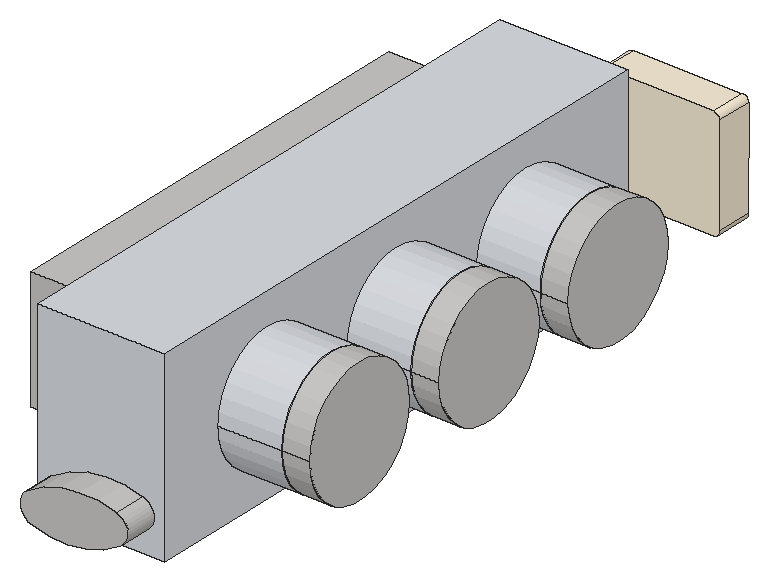
Revit family "HVAC_Ductwork_Airzone_Motorized-Plenum_Panasonic_Standard_3-Dampers", category Mechanical Equipment, Revit 2016
Family settings
  Part Type = Normal
  Round Connector Dimension = Use Diameter
  OmniClass Number = 23.75.70.14
  OmniClass Title = Air Ductwork
  Work Plane-Based = No
  Always vertical = Yes
  Cut with Voids When Loaded = No
  Shared = No
  Room Calculation Point = No
Parameters (values of type "PANST02XS3")
  Voltage = 230 V
  URL = "www.airzone.es"
  Type Image Comments = "Image available in product documentation download"  # constant formula
  Revit Model Version = "1.0"  # constant formula
  Revit Model Author URL = "www.a3d.es"
  Revit Model Author = "A3D Consulting"  # constant formula
  Product Documentation Download URL = "http://doc.airzone.es/BIM/Easyzone/Panasonic-Airzone_motorized_plenum.zip"
  Product Comments = "Refer to technical documentation for further details"  # constant formula
  Power Factor = 1
  Neck Width = 720.600 mm
  Neck Length = 95.000 mm
  Neck Height = 195.100 mm
  Material = Metal - AIRZONE - Galvanized Sheet - Semi-polished
  Main Control Board Material = Plastic - AIRZONE - Smooth - Off-white
  Load Classification = Other
  Insulated Body Width = 205.000 mm  # constant formula
  Insulated Body Material = Metal -AIRZONE - Insulating Lining -Aluminum Finish
  Insulated Body Length = 930.000 mm  # constant formula
  Insulated Body Height = 300.000 mm  # constant formula
  Flow [instance] = Damper 3 Air Flow + Damper 2 Air Flow + Damper 1 Air Flow - Fresh Air Inlet 2 Flow - Fresh Air Inlet 1 Flow  # 900 m³/h
  Fresh Air Inlet 1 Flow [instance] = 0 m³/h
  Fresh Air Inlet 2 Flow [instance] = 0 m³/h
  Fresh Air Inlet Connection Width = 175.000 mm
  Fresh Air Inlet Connection Height = 75.000 mm
  Model = "PANST02XS3"
  Neck Side Offset = 104.700 mm
  Neck Bottom Offset = 71.700 mm
  Type Image = <None>
  Manufacturer = "AIRZONE"  # constant formula
  Main Control Board Depth = 57.000 mm  # constant formula
  Main Control Board Width = 195.000 mm  # constant formula
  Main Control Board Height = 180.000 mm  # constant formula
  Fixing = ""
  Disclaimer = "All information provided in this model is reviewed before being published. However, Airzone cannot guarantee this model is error-free, therefore users are strongly encouraged to check for technical documentation and updates"  # constant formula
  Description = "Airzone standard motorized plenum with neck that mechanically adapts to the main ducted AC units of Panasonic."
  Type Comments = ""
  Dampers Length = 149.000 mm  # constant formula
  Dampers Diameter = 200.000 mm  # constant formula
  Damper 1 Air Flow [instance] = 300 m³/h
  Damper 2 Air Flow [instance] = 300 m³/h
  Damper 3 Air Flow [instance] = 300 m³/h
  Fresh Air Inlet Connection Offset Height = 48.305 mm  # constant formula
  Compatible Accesories = ""
  Apparent Load = 57.5 VA
Types (6, lengths in mm): name | Neck Width | Neck Height | Model | Neck Side Offset | Neck Bottom Offset
  PANST05S3 | 595.600 | 189.600 | "PANST05S3" | 217.200 | 77.200
  PANST04S3 | 495.600 | 189.600 | "PANST04S3" | 274.200 | 77.200
  PANST03S3 | 695.600 | 148.600 | "PANST03S3" | 117.200 | 118.200
  PANST01S3 | 671.600 | 162.600 | "PANST01S3" | 129.200 | 102.200
  PANST02S3 | 720.600 | 233.600 | "PANST02S3" | 104.700 | 33.200
  PANST02XS3 | 720.600 | 195.100 | "PANST02XS3" | 104.700 | 71.700
Reference planes
  plane 1 "Center (Front/Back)": y = 0
  plane 2 "Center (Elevation)": z = 0
  plane 3 "Center (Left/Right)": x = 0
  plane 4 "Neck Back": y = 360.3
  plane 5 "Neck Front": y = -360.3
  plane 6 "Neck Top": z = 97.55
  plane 7 "Neck Bottom": z = -97.55
  plane 8 "Left": x = 95
  plane 9 "Bottom": z = -169.25
  plane 10 "Top": z = 130.75
  plane 11 "Front": y = -465
  plane 12 "Back": y = 465
  plane 13 "Right": x = 300
  plane 14 "Dampers Front": x = 449
  plane 15 "Dampers Center (Elevation)": z = -19.25
  plane 16 "Damper3": y = -260
  plane 17 "Damper2": y = 0
  plane 18 "Damper1": y = 260
  plane 19 "Middle": y = 0
  plane 20 "FreshAir Center (Elevation)": z = -120.945
  plane 21 "FreshAir1": y = 517.5
  plane 22 "FreshAir2": y = -517.5
  plane 23 "Dampers Lining": x = 404
  plane 24 "FreshAir Vertical Axis": x = 195.83
  plane 25 "ConnectionBox Side": x = 254
  plane 26 "Main Control Board Center (Left/Right)": x = 351.5
Forms (mm)
  Extrusion 1, solid, material "Metal - AIRZONE - Galvanized Sheet - Semi-polished" <- "Material"
    sketch origin (0, 0, 0) x (0, 1, 0) y (0, 0, 1)
      loop
        line (-360.3, 97.55) -> (-360.3, -97.55) -> (360.3, -97.55) -> (360.3, 97.55) -> (-360.3, 97.55)
    from 0 to 95
  Extrusion 2, solid, material "Metal -AIRZONE - Insulating Lining -Aluminum Finish" <- "Insulated Body Material"
    sketch origin (95, 0, 0) x (0, 1, 0) y (0, 0, 1)
      loop
        line (-465, 130.75) -> (-465, -169.25) -> (465, -169.25) -> (465, 130.75) -> (-465, 130.75)
    from 0 to 205
  Extrusion 3, solid, material "Metal - AIRZONE - Galvanized Sheet - Semi-polished" <- "Material"
    sketch origin (300, 0, 0) x (0, 1, 0) y (0, 0, 1)
      loop
        circle (-260, -19.25) r 100
    from 104 to 149
  Extrusion 4, solid, material "Metal - AIRZONE - Galvanized Sheet - Semi-polished" <- "Material"
    sketch origin (300, 0, 0) x (0, 1, 0) y (0, 0, 1)
      loop
        circle (0, -19.25) r 100
    from 104 to 149
  Extrusion 5, solid, material "Metal - AIRZONE - Galvanized Sheet - Semi-polished" <- "Material"
    sketch origin (300, 0, 0) x (0, 1, 0) y (0, 0, 1)
      loop
        circle (260, -19.25) r 100
    from 104 to 149
  Extrusion 6, solid, material "Metal - AIRZONE - Galvanized Sheet - Semi-polished" <- "Material"
    sketch origin (0, -465, 0) x (0, 0, 1) y (1, 0, 0)
      loop
        arc (-88.391, 265.204) -> (-109.858, 282.105) -> (-134.562, 270.434) r 25.96
        arc (-134.562, 270.434) -> (-160.552, 200.598) -> (-153.099, 126.456) r 164.67
        arc (-153.099, 126.456) -> (-131.915, 109.589) -> (-107.244, 120.751) r 25.96
        arc (-107.244, 120.751) -> (-80.975, 190.78) -> (-88.391, 265.204) r 164.67
    from 0 to -52.5
  Extrusion 7, solid, material "Metal - AIRZONE - Galvanized Sheet - Semi-polished" <- "Material"
    sketch origin (0, 465, 0) x (0, 0, 1) y (1, 0, 0)
      loop
        arc (-88.391, 265.204) -> (-109.575, 282.071) -> (-134.246, 270.909) r 25.96
        arc (-134.246, 270.909) -> (-160.429, 201.53) -> (-153.517, 127.699) r 164.67
        arc (-153.517, 127.699) -> (-132.282, 109.637) -> (-106.928, 121.226) r 25.96
        arc (-106.928, 121.226) -> (-80.938, 191.062) -> (-88.391, 265.204) r 164.67
    from 0 to 52.5
  Extrusion 8, solid, material "Metal -AIRZONE - Insulating Lining -Aluminum Finish" <- "Insulated Body Material"
    sketch origin (300, 0, 0) x (0, 1, 0) y (0, 0, 1)
      loop
        circle (260, -19.25) r 100
    from 0 to 104
  Extrusion 9, solid, material "Metal -AIRZONE - Insulating Lining -Aluminum Finish" <- "Insulated Body Material"
    sketch origin (300, -260, 0) x (0, 1, 0) y (0, 0, 1)
      loop
        circle (260, -19.25) r 100
    from 0 to 104
  Extrusion 10, solid, material "Metal -AIRZONE - Insulating Lining -Aluminum Finish" <- "Insulated Body Material"
    sketch origin (300, -520, 0) x (0, 1, 0) y (0, 0, 1)
      loop
        circle (260, -19.25) r 100
    from 0 to 104
Lines and regions (mm)
  Masking region 1
    outline origin (0, 0, 0) x (1, 0, 0) y (0, 1, 0)
      loop
        line (95, 465) -> (95, -465) -> (300, -465) -> (300, 465) -> (95, 465)
  Masking region 2, detail levels medium+fine
    outline origin (0, 0, 0) x (1, 0, 0) y (0, 1, 0)
      loop
        line (0, 360.3) -> (0, -360.3) -> (95, -360.3) -> (95, 360.3) -> (0, 360.3)
  Masking region 3, detail levels medium+fine
    outline origin (0, 0, 0) x (1, 0, 0) y (0, 1, 0)
      loop
        line (300, -160) -> (300, -360) -> (449, -360) -> (449, -160) -> (300, -160)
  Masking region 4, detail levels medium+fine
    outline origin (0, 260, 0) x (1, 0, 0) y (0, 1, 0)
      loop
        line (300, -160) -> (300, -360) -> (449, -360) -> (449, -160) -> (300, -160)
  Masking region 5, detail levels medium+fine
    outline origin (0, 520, 0) x (1, 0, 0) y (0, 1, 0)
      loop
        line (300, -160) -> (300, -360) -> (449, -360) -> (449, -160) -> (300, -160)
  Masking region 6, detail levels medium+fine
    outline origin (0, 0, -120.945) x (1, 0, 0) y (0, 1, 0)
      loop
        line (108.33, 517.5) -> (108.33, 465) -> (283.33, 465) -> (283.33, 517.5) -> (108.33, 517.5)
  Masking region 7, detail levels medium+fine
    outline origin (0, 0, -120.945) x (1, 0, 0) y (0, 1, 0)
      loop
        line (108.33, -465) -> (108.33, -517.5) -> (283.33, -517.5) -> (283.33, -465) -> (108.33, -465)
  Masking region 8, detail levels medium+fine
    outline origin (0, 0, 130.75) x (0, -1, 0) y (1, 0, 0)
      loop
        line (-522, 254) -> (-465, 254) -> (-465, 449) -> (-522, 449) -> (-522, 254)
  symbolic lines, detail levels coarse
    curve 1: line (95, -465, 0) -> (300, 0, 0)
    curve 2: line (300, 0, 0) -> (95, 465, 0)
Dimensions and locks
  equal spacing: plane 4 "Neck Back", plane 1 "Center (Front/Back)", plane 5 "Neck Front"
  "Neck Width": plane 4 "Neck Back" to plane 5 "Neck Front"
  equal spacing: plane 6 "Neck Top", level, plane 7 "Neck Bottom"
  "Neck Height": plane 6 "Neck Top" to plane 7 "Neck Bottom"
  "Neck Length": plane 3 "Center (Left/Right)" to plane 8 "Left"
  "Neck Bottom Offset": plane 7 "Neck Bottom" to plane 9 "Bottom"
  "Insulated Body Height": plane 10 "Top" to plane 9 "Bottom"
  "Insulated Body Length": plane 12 "Back" to plane 11 "Front"
  "Insulated Body Width": plane 8 "Left" to plane 13 "Right"
  "Dampers Length": plane 13 "Right" to plane 14 "Dampers Front"
  equal spacing: plane 10 "Top", plane 15 "Dampers Center (Elevation)", plane 9 "Bottom"
  plane 18 "Damper1" to plane 17 "Damper2" to plane 16 "Damper3" = 260.000 mm locked, 260.000 mm locked
  equal spacing: plane 12 "Back", plane 19 "Middle", plane 11 "Front"
  plane 8 "Left" to plane 13 "Right" = 205.000 mm
  "Fresh Air Inlet Connection Offset Height": plane 20 "FreshAir Center (Elevation)" to plane 9 "Bottom"
  locked: Extrusion 6 sketch curve to plane 9 "Bottom" at 56.47
  locked: plane 13 "Right" to Extrusion 6 sketch curve at 43.69
  locked: plane 13 "Right" to Extrusion 6 sketch curve at 164.65
  locked: Extrusion 6 sketch curve to plane 9 "Bottom" at 40.54
  locked: plane 13 "Right" to Extrusion 6 sketch curve at 87.91
  locked: plane 9 "Bottom" to Extrusion 6 sketch curve at 75.01
  locked: plane 13 "Right" to Extrusion 6 sketch curve at 120.43
  locked: Extrusion 6 sketch curve to plane 9 "Bottom" at 172.02
  locked: plane 13 "Right" to Extrusion 7 sketch curve at 43.69
  locked: Extrusion 7 sketch curve to plane 9 "Bottom" at 56.47
  locked: Extrusion 7 sketch curve to plane 9 "Bottom" at 40.54
  locked: plane 13 "Right" to Extrusion 7 sketch curve at 164.65
  locked: plane 13 "Right" to Extrusion 7 sketch curve at 120.43
  locked: Extrusion 7 sketch curve to plane 9 "Bottom" at 172.02
  locked: plane 9 "Bottom" to Extrusion 7 sketch curve at 75.01
  locked: plane 13 "Right" to Extrusion 7 sketch curve at 87.91
  "Neck Side Offset": plane 12 "Back" to plane 4 "Neck Back"
  equal spacing: plane 12 "Back", plane 17 "Damper2", plane 11 "Front"
  locked: plane 21 "FreshAir1" to plane 12 "Back" at 52.5
  plane 11 "Front" to plane 22 "FreshAir2" = 52.500 mm
  locked: connector elem to plane 13 "Right" at 104.17
  locked: plane 20 "FreshAir Center (Elevation)" to connector elem
  locked: plane 13 "Right" to connector elem at 104.17
  locked: connector elem to plane 20 "FreshAir Center (Elevation)"
  locked: plane 23 "Dampers Lining" to plane 14 "Dampers Front" at 45
  locked: plane 24 "FreshAir Vertical Axis" to plane 13 "Right" at 104.17
  equal spacing: Masking region 3 sketch curve, plane 16 "Damper3", Masking region 3 sketch curve
  "Dampers Diameter": Masking region 3 sketch curve to Masking region 3 sketch curve
  equal spacing: Masking region 4 sketch curve, plane 17 "Damper2", Masking region 4 sketch curve
  "Dampers Diameter": Masking region 4 sketch curve to Masking region 4 sketch curve
  equal spacing: Masking region 5 sketch curve, plane 18 "Damper1", Masking region 5 sketch curve
  "Dampers Diameter": Masking region 5 sketch curve to Masking region 5 sketch curve
  equal spacing: Masking region 6 sketch curve, plane 24 "FreshAir Vertical Axis", Masking region 6 sketch curve
  "Fresh Air Inlet Connection Width": Masking region 6 sketch curve to Masking region 6 sketch curve
  equal spacing: Masking region 7 sketch curve, plane 24 "FreshAir Vertical Axis", Masking region 7 sketch curve
  "Fresh Air Inlet Connection Width": Masking region 7 sketch curve to Masking region 7 sketch curve
  "Main Control Board Depth": Masking region 8 sketch curve to plane 12 "Back"
  "Main Control Board Width": plane 25 "ConnectionBox Side" to plane 14 "Dampers Front"
  equal spacing: plane 25 "ConnectionBox Side", plane 26 "Main Control Board Center (Left/Right)", plane 14 "Dampers Front"
  locked: nested 1 to plane 10 "Top" at 10
  "Dampers Diameter": diameter of Extrusion 3 sketch curve
  "Dampers Diameter": diameter of Extrusion 4 sketch curve
  "Dampers Diameter": diameter of Extrusion 5 sketch curve
  radius of Extrusion 7 sketch curve = 164.670 mm  (x2)
  radius of Extrusion 7 sketch curve = 25.960 mm  (x2)
  radius of Extrusion 6 sketch curve = 164.670 mm  (x2)
  radius of Extrusion 6 sketch curve = 25.960 mm  (x2)
  "Dampers Diameter": diameter of Extrusion 8 sketch curve
  "Dampers Diameter": diameter of Extrusion 9 sketch curve
  "Dampers Diameter": diameter of Extrusion 10 sketch curve
  aligned and locked: level to plane 2 "Center (Elevation)"
  aligned and locked: plane 5 "Neck Front" to Extrusion 1 sketch curve
  aligned and locked: Extrusion 1 sketch curve to plane 6 "Neck Top"
  aligned and locked: Extrusion 1 sketch curve to plane 4 "Neck Back"
  aligned and locked: plane 7 "Neck Bottom" to Extrusion 1 sketch curve
  aligned and locked: Extrusion 1 to plane 3 "Center (Left/Right)"
  aligned and locked: Extrusion 2 sketch curve to plane 10 "Top"
  aligned and locked: Extrusion 2 sketch curve to plane 12 "Back"
  aligned and locked: plane 9 "Bottom" to Extrusion 2 sketch curve
  aligned and locked: plane 11 "Front" to Extrusion 2 sketch curve
  aligned and locked: plane 13 "Right" to Extrusion 2
  aligned and locked: Extrusion 2 to plane 8 "Left"
  aligned and locked: plane 16 "Damper3" to Extrusion 3 sketch curve
  aligned and locked: plane 15 "Dampers Center (Elevation)" to Extrusion 3 sketch curve
  aligned and locked: plane 17 "Damper2" to Extrusion 4 sketch curve
  aligned and locked: plane 15 "Dampers Center (Elevation)" to Extrusion 4 sketch curve
  aligned and locked: plane 18 "Damper1" to Extrusion 5 sketch curve
  aligned and locked: plane 15 "Dampers Center (Elevation)" to Extrusion 5 sketch curve
  aligned and locked: plane 14 "Dampers Front" to Extrusion 5
  aligned and locked: plane 14 "Dampers Front" to Extrusion 4
  aligned and locked: plane 14 "Dampers Front" to Extrusion 3
  aligned and locked: plane 8 "Left" to Extrusion 1
  aligned and locked: plane 22 "FreshAir2" to Extrusion 6
  aligned and locked: plane 21 "FreshAir1" to Extrusion 7
  aligned and locked: Extrusion 7 to plane 12 "Back"
  aligned and locked: plane 11 "Front" to Extrusion 6
  aligned and locked: Extrusion 5 to plane 23 "Dampers Lining"
  aligned and locked: Extrusion 5 to Extrusion 4
  aligned and locked: Extrusion 4 to Extrusion 3
  aligned and locked: plane 23 "Dampers Lining" to Extrusion 8
  aligned and locked: Extrusion 10 to plane 13 "Right"
  aligned and locked: plane 23 "Dampers Lining" to Extrusion 10
  aligned and locked: Extrusion 9 to plane 13 "Right"
  aligned and locked: plane 23 "Dampers Lining" to Extrusion 9
  aligned and locked: Extrusion 8 to plane 13 "Right"
  aligned and locked: Extrusion 9 to Extrusion 8
  aligned and locked: plane 18 "Damper1" to Extrusion 8 sketch curve
  aligned and locked: plane 15 "Dampers Center (Elevation)" to Extrusion 8 sketch curve
  aligned and locked: plane 17 "Damper2" to Extrusion 9 sketch curve
  aligned and locked: plane 15 "Dampers Center (Elevation)" to Extrusion 9 sketch curve
  aligned and locked: plane 16 "Damper3" to Extrusion 10 sketch curve
  aligned and locked: plane 15 "Dampers Center (Elevation)" to Extrusion 10 sketch curve
  aligned and locked: Masking region 1 sketch curve to plane 12 "Back"
  aligned and locked: plane 8 "Left" to Masking region 1 sketch curve
  aligned and locked: Masking region 1 sketch curve to plane 13 "Right"
  aligned and locked: plane 11 "Front" to Masking region 1 sketch curve
  aligned and locked: plane 5 "Neck Front" to Masking region 2 sketch curve
  aligned and locked: plane 3 "Center (Left/Right)" to Masking region 2 sketch curve
  aligned and locked: Masking region 2 sketch curve to plane 4 "Neck Back"
  aligned and locked: Masking region 2 sketch curve to plane 8 "Left"
  aligned and locked: plane 13 "Right" to Masking region 3 sketch curve
  aligned and locked: Masking region 3 sketch curve to plane 14 "Dampers Front"
  aligned and locked: plane 13 "Right" to Masking region 4 sketch curve
  aligned and locked: Masking region 4 sketch curve to plane 14 "Dampers Front"
  aligned and locked: plane 13 "Right" to Masking region 5 sketch curve
  aligned and locked: Masking region 5 sketch curve to plane 14 "Dampers Front"
  aligned and locked: plane 12 "Back" to Masking region 6 sketch curve
  aligned and locked: Masking region 6 sketch curve to plane 21 "FreshAir1"
  aligned and locked: Masking region 7 sketch curve to plane 11 "Front"
  aligned and locked: Masking region 7 sketch curve to plane 22 "FreshAir2"
  aligned and locked: plane 12 "Back" to Masking region 8 sketch curve
  aligned and locked: Masking region 8 sketch curve to plane 14 "Dampers Front"
  aligned and locked: plane 25 "ConnectionBox Side" to Masking region 8 sketch curve
  aligned and locked: nested 1 to plane 26 "Main Control Board Center (Left/Right)"
Automatic sketch dimensions
  curve 2 to plane 8 "Left" = 0.000 mm
  curve 1 to plane 8 "Left" = 0.000 mm
  curve 1 to plane 13 "Right" = 0.000 mm
  curve 1 to plane 11 "Front" = 0.000 mm
  curve 2 to plane 17 "Damper2" = 0.000 mm
  curve 2 to plane 12 "Back" = 0.000 mm
Nested families
  nested 1: "Airzone_Main-Control-Board" at (351.5, 465, 30.75) x (-1, 0, 0) z (0, 1, 0), Extrusion <- "Main Control Board Depth", Height <- "Main Control Board Height", Width <- "Main Control Board Width", Material <- "Main Control Board Material", type "Standard"
    with Width 195.000 mm, Material Plastic - AIRZONE - Smooth - Off-white, Height 180.000 mm, Extrusion 57.000 mm
Connectors
  hvac at (449, -260, -19.25), driven by "Damper 3 Air Flow", driven by "Dampers Diameter"
    settings: on Extrusion 3, index 1, duct flow 300 m³/h, flow factor 0, pres drop 0.0 Pa, loss coef 0, conn angle 0.00°, conn width 304.8 mm, conn height 304.8 mm, conn diameter 200 mm, duct sys type 1, conn prof type 0, flow config 0, flow direction 2, loss method 0, conn ref index -1, conn util no, is conn primary no, conn desc "Supply Air Out 3"
  hvac at (449, 0, -19.25), driven by "Damper 2 Air Flow", driven by "Dampers Diameter"
    settings: on Extrusion 4, index 2, duct flow 300 m³/h, flow factor 0, pres drop 0.0 Pa, loss coef 0, conn angle 0.00°, conn width 304.8 mm, conn height 304.8 mm, conn diameter 200 mm, duct sys type 1, conn prof type 0, flow config 0, flow direction 2, loss method 0, conn ref index -1, conn util no, is conn primary no, conn desc "Supply Air Out 2"
  hvac at (449, 260, -19.25), driven by "Damper 1 Air Flow", driven by "Dampers Diameter"
    settings: on Extrusion 5, index 3, duct flow 300 m³/h, flow factor 0, pres drop 0.0 Pa, loss coef 0, conn angle 0.00°, conn width 304.8 mm, conn height 304.8 mm, conn diameter 200 mm, duct sys type 1, conn prof type 0, flow config 0, flow direction 2, loss method 0, conn ref index -1, conn util no, is conn primary no, conn desc "Supply Air Out 1"
  hvac at (0, 0, 0), driven by "Flow", driven by "Neck Height", driven by "Neck Width"
    settings: on Extrusion 1, index 6, duct flow 900 m³/h, flow factor 0, pres drop 0.0 Pa, loss coef 0, conn angle 0.00°, conn width 720.6 mm, conn height 195.1 mm, conn diameter 609.6 mm, duct sys type 1, conn prof type 1, flow config 1, flow direction 1, loss method 0, conn ref index -1, conn util no, is conn primary yes, conn desc "Supply Air In"
  hvac at (195.83, -517.5, -120.945), driven by "Fresh Air Inlet 2 Flow", driven by "Fresh Air Inlet Connection Width", driven by "Fresh Air Inlet Connection Height"
    settings: index 7, duct flow 0 m³/h, flow factor 0, pres drop 0.0 Pa, loss coef 0, conn angle 0.00°, conn width 175 mm, conn height 75 mm, conn diameter 609.6 mm, duct sys type 1, conn prof type 2, flow config 1, flow direction 1, loss method 0, conn ref index -1, conn util no, is conn primary no, conn desc "Fresh Air In 2"
  hvac at (195.83, 517.5, -120.945), driven by "Fresh Air Inlet 1 Flow", driven by "Fresh Air Inlet Connection Height", driven by "Fresh Air Inlet Connection Width"
    settings: index 8, duct flow 0 m³/h, flow factor 0, pres drop 0.0 Pa, loss coef 0, conn angle 0.00°, conn width 175 mm, conn height 75 mm, conn diameter 609.6 mm, duct sys type 1, conn prof type 2, flow config 1, flow direction 1, loss method 0, conn ref index -1, conn util no, is conn primary no, conn desc "Fresh Air In 1"
  electrical at (351.5, 522, 30.75), driven by "Load Classification", driven by "Voltage", driven by "Apparent Load", driven by "Power Factor"
    settings: on nested 1, index 9, voltage 230 V, apparent load 57.5 VA, apparent load phase1 0 VA, apparent load phase2 0 VA, apparent load phase3 0 VA, power factor 1, load classification "Other", number of poles 1, system type 30, power factor state 1, is connector primary yes, connector utility no, sub classification motor no, connector description "Power Supply"
Definition of nested family "Airzone_Main-Control-Board"
  Parameters (values of type "Standard")
    Width [instance] = 195.000 mm
    URL = "www.airzone.es"
    Revit Model Version = "1.0"  # constant formula
    Revit Model Author URL = "www.a3d.es"
    Revit Model Author = "A3D Consulting"  # constant formula
    Material [instance] = none
    Manufacturer = "AIRZONE"  # constant formula
    Height [instance] = 180.000 mm
    Extrusion [instance] = 57.000 mm
    Default Elevation = 0.000 mm
  Reference planes
    plane 1 "Center (Front/Back)": y = 0
    plane 2: z = 0
    plane 3 "Center (Left/Right)": x = 0
    plane 4: y = 90
    plane 5: y = -90
    plane 6: x = 97.5
    plane 7: x = -97.5
  Forms (mm)
    Extrusion 1, solid, material <- "Material"
      sketch origin (0, 0, 0) x (1, 0, 0) y (0, 1, 0)
        loop
          arc (-87.5, 90) -> (-94.571, 87.071) -> (-97.5, 80) r 10
          line (-97.5, 80) -> (-97.5, -80)
          arc (-97.5, -80) -> (-94.571, -87.071) -> (-87.5, -90) r 10
          line (-87.5, -90) -> (87.5, -90)
          arc (87.5, -90) -> (94.571, -87.071) -> (97.5, -80) r 10
          line (97.5, -80) -> (97.5, 80)
          arc (97.5, 80) -> (94.571, 87.071) -> (87.5, 90) r 10
          line (87.5, 90) -> (-87.5, 90)
      from 0 to 57 <- "Extrusion"
  Dimensions and locks
    equal spacing: plane 7, plane 3 "Center (Left/Right)", plane 6
    equal spacing: plane 4, plane 1 "Center (Front/Back)", plane 5
    "Width": plane 7 to plane 6
    "Height": plane 4 to plane 5
    radius of Extrusion 1 sketch curve = 10.000 mm  (x4)
    aligned and locked: level to plane 2
    aligned and locked: plane 5 to Extrusion 1 sketch curve
    aligned and locked: Extrusion 1 sketch curve to plane 6
    aligned and locked: Extrusion 1 sketch curve to plane 4
    aligned and locked: plane 7 to Extrusion 1 sketch curve
